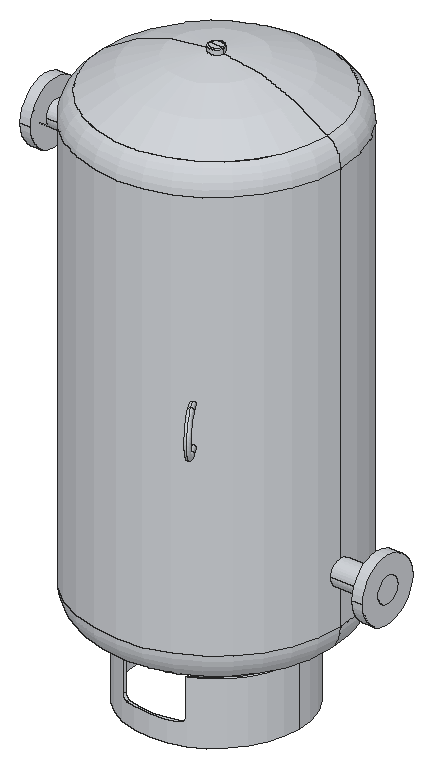
Revit family "HWBT-120-2-125 and 150", category Mechanical Equipment, Revit 2014
Parameters (values of type "HWBT-120-2-125 and 150")
  Tank Weight = "245 lbs @ 125, 279 lbs @ 150"
  Tank Volume = "120 Gal"
  Tank Height = "55 3/4\""
  Tank Diameter = "24\""
  Note = "All dimensions and weights are approximate"
  Maximum Acceptance Volume = "N/A"
  Max Operating Temp = "450° F"
  Max Operating Pressure = "125psi, or 150psi (depending on model)"
  Connector Size = "2\""
Reference planes (in)
  plane 1 "Center (Front/Back)": y = 0
  plane 2: z = 0
  plane 3 "Center (Left/Right)": x = 0
Forms (in)
  Extrusion 1, solid
    sketch origin (0, 0, 0) x (0, 1, 0) y (0, 0, 1)
      loop
        circle (0, 15) r 1.19
    from 0 to 16.5
  Extrusion 2, solid
    sketch origin (0, 0, 0) x (0, 1, 0) y (0, 0, 1)
      loop
        circle (0, 45) r 1.19
    from 0 to -16.5
  Extrusion 3, solid
    sketch origin (0, 0, 0) x (0, 1, 0) y (0, 0, 1)
      loop
        circle (0, 45) r 3
    from -15.5 to -16.5
  Extrusion 4, solid
    sketch origin (0, 0, 0) x (0, 1, 0) y (0, 0, 1)
      loop
        circle (0, 15) r 3
    from 15.5 to 16.5
  Extrusion 5, solid
    sketch origin (0, 0, 0) x (1, 0, 0) y (0, 1, 0)
      loop
        circle (0, 0) r 7.75261
      loop
        circle (0, 0) r 8
    from 0 to 6
  Extrusion 6, void
    sketch origin (0, 0, 0) x (1, 0, 0) y (0, 0, 1)
      loop
        line (-3, 6) -> (-3, 2.5)
        arc (-3, 2.5) -> (-2.85355, 2.14645) -> (-2.5, 2) r 0.5
        line (-2.5, 2) -> (2.5, 2)
        arc (2.5, 2) -> (2.85355, 2.14645) -> (3, 2.5) r 0.5
        line (3, 2.5) -> (3, 6.75) -> (-3, 6.75) -> (-3, 6)
    from 0 to 12
  Revolve 7, solid
    sketch origin (0, 0, 0) x (1, 0, 0) y (0, 0, 1)
      loop
        line (0, 56.26304) -> (-0.625, 56.26304)
        arc (-0.625, 56.26304) -> (-0.66919, 56.24473) -> (-0.6875, 56.20054) r 0.0625
        line (-0.6875, 56.20054) -> (-0.6875, 55.75002)
        arc (-0.6875, 55.75002) -> (-6.00045, 54.74293) -> (-10.78124, 52.21592) r 18.158
        arc (-10.78124, 52.21592) -> (-11.67803, 51.15405) -> (-12, 49.80196) r 3
        line (-12, 49.80196) -> (-12, 10.22411)
        arc (-12, 10.22411) -> (-11.67803, 8.87202) -> (-10.78124, 7.81016) r 3
        arc (-10.78124, 7.81016) -> (-6.00045, 5.28314) -> (-0.6875, 4.27606) r 18.158
        line (-0.6875, 4.27606) -> (-0.6875, 3.82554)
        arc (-0.6875, 3.82554) -> (-0.66919, 3.78134) -> (-0.625, 3.76304) r 0.0625
        line (-0.625, 3.76304) -> (0, 3.76304) -> (0, 56.26304)
      axis (0, 56.26304) -> (0, 3.76304)
    angle from 0 to 360
  Sweep 8, solid
    path origin (-3.10312, 4.94253, -16.53947) x (0.511725, -0.85915, 0) y (0, 0, 1)
      loop
        line (17.83546, 48.42089) -> (18.83546, 48.42089)
        arc (18.83546, 48.42089) -> (20.71046, 46.54589) -> (18.83546, 44.67089) r 1.875
        line (18.83546, 44.67089) -> (17.83546, 44.67089)
    profile origin (6.27959, -10.81038, 31.88142) x (0, 0, 1) y (-0.85915, -0.511725, 0)
      loop
        circle (0, 0) r 0.25
Cuts and joins
  Extrusion 6 cuts Extrusion 5
Dimensions and locks (in)
  aligned and locked: level to plane 2
